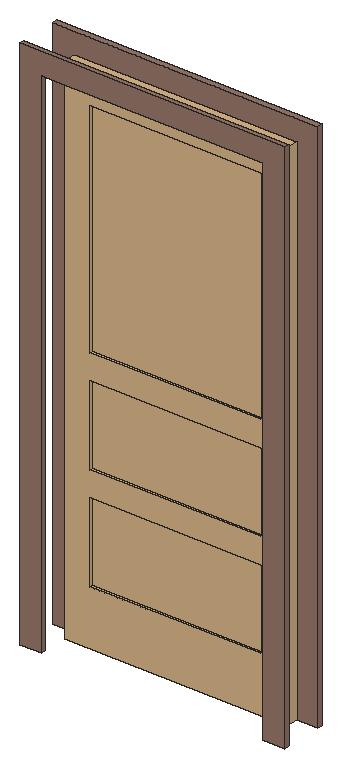
Revit family "0065_M_DR_W_single-panel 1-dbl acting", category 문, Revit 2026
Family settings
  호스트 = 벽
  항상 수직 = 예
  로드될 때 보이드를 사용하여 절단 = 아니오
  공유 = 아니오
  룸 계산 점 = 아니오
Parameters (values of type "36" x 84"")
  두께 = 0' - 2"
  조합 코드 = "C1020100"
  기능 = 내부
  Door Material = Door - Panel
  Frame Material = Door - Frame
  Height = 7' - 0"
  Rail Width - Center = 0' - 4"
  Top Panel = 3' - 0"
  Trim Projection Ext. = 0' - 0 3/4"
  Trim Projection Int. = 0' - 0 3/4"
  Trim Width Ext. = 0' - 3 1/2"
  Trim Width Int. = 0' - 3 1/2"
  벽 마무리 = 호스트별
  Width = 3' - 0"
Types (8): name | 두께 | Height | Rail Width - Center | Top Panel | Trim Projection Ext. | Trim Projection Int. | Trim Width Ext. | Trim Width Int. | Width
  36" x 84" | 0' - 2" | 7' - 0" | 0' - 4" | 3' - 0" | 0' - 0 3/4" | 0' - 0 3/4" | 0' - 3 1/2" | 0' - 3 1/2" | 3' - 0"
  34" x 84" | 0' - 2" | 7' - 0" | 0' - 4" | 3' - 0" | 0' - 0 3/4" | 0' - 0 3/4" | 0' - 3 1/2" | 0' - 3 1/2" | 2' - 10"
  30" x 84" | 0' - 2" | 7' - 0" | 0' - 4" | 3' - 0" | 0' - 0 3/4" | 0' - 0 3/4" | 0' - 3 1/2" | 0' - 3 1/2" | 2' - 6"
  30" x 80" | 0' - 2" | 6' - 8" | 0' - 4" | 3' - 0" | 0' - 0 3/4" | 0' - 0 3/4" | 0' - 3 1/2" | 0' - 3 1/2" | 2' - 6"
  36" x 80" | 0' - 2" | 6' - 8" | 0' - 4" | 3' - 0" | 0' - 0 3/4" | 0' - 0 3/4" | 0' - 3 1/2" | 0' - 3 1/2" | 3' - 0"
  34" x 80" | 0' - 2" | 6' - 8" | 0' - 4" | 3' - 0" | 0' - 0 3/4" | 0' - 0 3/4" | 0' - 3 1/2" | 0' - 3 1/2" | 2' - 10"
  32" x 84" | 0' - 2" | 7' - 0" | 0' - 4" | 3' - 0" | 0' - 0 3/4" | 0' - 0 3/4" | 0' - 3 1/2" | 0' - 3 1/2" | 2' - 8"
  0915 x 2134mm | 0' - 1 31/32" | 7' - 0 1/64" | 0' - 3 15/16" | 3' - 0 3/128" | 0' - 0 101/128" | 0' - 0 101/128" | 0' - 3 35/64" | 0' - 3 35/64" | 3' - 0 3/128"
Reference planes (in)
  plane 1: y = 0
  plane 2: z = 0
  plane 3: x = 0
  plane 4: x = -18
  plane 5: x = 18
  plane 6: z = 84
  plane 7: z = 79
  plane 8: z = 43
  plane 9: z = 39
  plane 10: z = 26
  plane 11: x = -14
  plane 12: x = 14
  plane 13: z = 22
  plane 14: z = 9
Forms (in)
  Extrusion 1, solid, material "Door - Panel" <- "Door Material"
    sketch origin (-60, -3, 0) x (1, 0, 0) y (0, 0, 1)
      loop
        line (74, 79) -> (46, 79) -> (46, 43) -> (74, 43) -> (74, 79)
      loop
        line (74, 39) -> (46, 39) -> (46, 26) -> (74, 26) -> (74, 39)
      loop
        line (46, 22) -> (46, 9) -> (74, 9) -> (74, 22) -> (46, 22)
      loop
        line (78, 84) -> (42, 84) -> (42, 0) -> (78, 0) -> (78, 84)
    from -6 to -4
  Extrusion 2, solid, material "Door - Panel" <- "Door Material"
    sketch origin (-60, 1, 0) x (1, 0, 0) y (0, 0, 1)
      loop
        line (74, 79) -> (46, 79) -> (46, 43) -> (74, 43) -> (74, 79)
      loop
        line (74, 26) -> (74, 39) -> (46, 39) -> (46, 26) -> (74, 26)
      loop
        line (74, 9) -> (74, 22) -> (46, 22) -> (46, 9) -> (74, 9)
    from -1.5 to -0.5
  Extrusion 3, solid, material "Door - Frame" <- "Frame Material"
    sketch origin (-60, -3, 0) x (1, 0, 0) y (0, 0, 1)
      loop
        line (38.5, 87.5) -> (38.5, 0) -> (42, 0) -> (42, 84) -> (78, 84) -> (78, 0) -> (81.5, 0) -> (81.5, 87.5) -> (38.5, 87.5)
    from 0 to 0.75
  Extrusion 4, solid, material "Door - Frame" <- "Frame Material"
    sketch origin (-60, 3, 0) x (-1, 0, 0) y (0, 0, 1)
      loop
        line (-81.5, 87.5) -> (-81.5, 0) -> (-78, 0) -> (-78, 84) -> (-42, 84) -> (-42, 0) -> (-38.5, 0) -> (-38.5, 87.5) -> (-81.5, 87.5)
    from 0 to 0.75
Lines and regions (in)
  Opening 1
    outline origin (-60, -3, 144) x (0, 0, -1) y (1, 0, 0)
      loop
        line (60, 42) -> (144, 42) -> (144, 78) -> (60, 78) -> (60, 42)
  symbolic lines, style "DoorsPanelProjection"
    curve 1: line (18, 3, 0) -> (16, 3, 0)
    curve 2: line (18, 3, 0) -> (18, 39, 0)
    curve 3: line (18, 39, 0) -> (16, 39, 0)
    curve 4: line (16, 3, 0) -> (16, 39, 0)
  symbolic lines, style "Plan Swing"
    curve 5: arc (18, 39, 0) -> (-7.45584, 28.45584, 0) -> (-18, 3, 0) r 36
  symbolic lines, style "Elevation Swing"
    curve 6: line (-18, 3, 84) -> (18, 3, 42)
    curve 7: line (18, 3, 42) -> (-18, 3, 0)
  symbolic lines, style "Dashed Line"
    curve 8: line (18, 1, 0) -> (16, 1, 0)
    curve 9: line (18, 1, 0) -> (18, -35, 0)
    curve 10: line (18, -35, 0) -> (16, -35, 0)
    curve 11: line (16, 1, 0) -> (16, -35, 0)
    curve 12: arc (-18, 1, 0) -> (-7.45584, -24.45584, 0) -> (18, -35, 0) r 36
Dimensions and locks (in)
  equal spacing: plane 4, plane 3, plane 5
  "Width": plane 4 to plane 5
  locked: host wall to curve 1
  locked: host wall to curve 5
  "Height": plane 6 to plane 2
  plane 6 to level = 7' - 0"
  equal spacing: plane 6, curve 7, level
  locked: plane 4 to plane 11 at 4
  locked: plane 12 to plane 5 at 4
  locked: plane 6 to plane 7 at 5
  "두께": curve 4 to plane 5
  "두께": Extrusion 1 to Extrusion 1
  "두께": Extrusion 1 to host wall
  locked: Extrusion 1 to Extrusion 2 at 0.5  (x2)
  "Trim Projection Ext.": Extrusion 4 to host wall
  "Trim Projection Int.": Extrusion 3 to host wall
  "Trim Width Int.": Extrusion 3 sketch curve to plane 4
  "Trim Width Int.": plane 5 to Extrusion 3 sketch curve
  "Trim Width Int.": Extrusion 3 sketch curve to plane 6
  "Rail Width - Center": plane 13 to plane 10
  "Rail Width - Center": plane 9 to plane 8
  "Trim Width Ext.": plane 5 to Extrusion 4 sketch curve
  "Trim Width Ext.": Extrusion 4 sketch curve to plane 4
  "Trim Width Ext.": plane 6 to Extrusion 4 sketch curve
  locked: plane 2 to plane 14 at 9
  equal spacing: plane 14, plane 10, plane 8
  "Top Panel": plane 8 to plane 7
  aligned and locked: plane 12 to Extrusion 1 sketch curve  (x3)
  aligned and locked: Extrusion 1 sketch curve to plane 7
  aligned and locked: plane 8 to Extrusion 1 sketch curve
  aligned and locked: plane 11 to Extrusion 1 sketch curve  (x3)
  aligned and locked: Extrusion 1 sketch curve to plane 9
  aligned and locked: plane 10 to Extrusion 1 sketch curve
  aligned and locked: plane 13 to Extrusion 1 sketch curve
  aligned and locked: plane 14 to Extrusion 1 sketch curve
  aligned and locked: plane 5 to Extrusion 1 sketch curve
  aligned and locked: Extrusion 1 sketch curve to plane 6
  aligned and locked: plane 4 to Extrusion 1 sketch curve
  aligned and locked: plane 12 to Extrusion 2 sketch curve  (x3)
  aligned and locked: Extrusion 2 sketch curve to plane 7
  aligned and locked: plane 8 to Extrusion 2 sketch curve
  aligned and locked: plane 11 to Extrusion 2 sketch curve
  aligned and locked: Extrusion 2 sketch curve to plane 10
  aligned and locked: plane 9 to Extrusion 2 sketch curve
  aligned and locked: Extrusion 2 sketch curve to plane 11  (x2)
  aligned and locked: Extrusion 2 sketch curve to plane 14
  aligned and locked: plane 13 to Extrusion 2 sketch curve
  aligned and locked: Extrusion 1 to host wall  (x3)
  aligned and locked: host wall to Extrusion 1
  aligned and locked: curve 8 to Extrusion 1  (x2)
  aligned and locked: curve 1 to curve 11
  aligned and locked: curve 12 to Extrusion 1
Automatic sketch dimensions
  Opening 1 sketch curve to plane 6 = 0' - 0"
  Opening 1 sketch curve to level = 0' - 0"
  Opening 1 sketch curve to plane 4 = 0' - 0"
  Opening 1 sketch curve to plane 5 = 0' - 0"
  curve 5 to plane 4 = 0' - 0"
  curve 12 to plane 4 = 0' - 0"
  curve 3 to plane 5 = 0' - 0"
  Extrusion 3 sketch curve to level = 0' - 0"  (x2)
  Extrusion 3 sketch curve to plane 4 = 0' - 0"
  Extrusion 3 sketch curve to plane 5 = 0' - 0"
  Extrusion 3 sketch curve to plane 6 = 0' - 0"
  Extrusion 4 sketch curve to level = 0' - 0"  (x2)
  Extrusion 4 sketch curve to plane 5 = 0' - 0"
  Extrusion 4 sketch curve to plane 4 = 0' - 0"
  Extrusion 4 sketch curve to plane 6 = 0' - 0"
  curve 6 to plane 4 = 0' - 0"
  curve 6 to plane 6 = 0' - 0"
  curve 7 to level = 0' - 0"
  curve 7 to plane 4 = 0' - 0"
  curve 6 to plane 5 = 0' - 0"
  Extrusion 1 sketch curve to level = 0' - 0"
